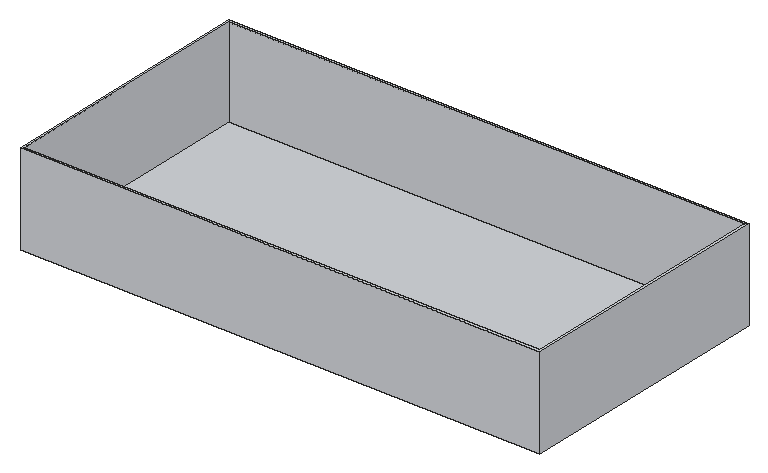
Revit family "Panelboard_400A_Cable_Spreader-empty-UK-en", category Electrical Equipment, host Face, Revit 2020
Family settings
  Host = Face
  Panel Configuration = Two Columns, Circuits Across
  Round Connector Dimension = Use Diameter
  Part Type = Panelboard
  Cut with Voids When Loaded = No
  Shared = No
  Room Calculation Point = No
Parameters (values of type "Surface mounted P2XC W900 H450 D158 0 Modular spacings - JF806E")
  Width Control [instance] = if([HG000006 - Flush mounted], if([EF000846 - Built-in width] > min_whd, [EF000846 - Built-in width], min_whd), if([EF000008 - Width] > min_whd, ([EF000008 - Width]), min_whd))  # 900 mm
  Void Depth [instance] = if([HG000006 - Flush mounted], Depth Control, 1 mm)  # 1 mm
  Type Comments = [HG000003 - Range]  # "Panelboards"
  System Height [instance] = Height Control - 2 * [HG000005 - Thickness]  # 444 mm
  Model = [HG000004 - Manufacturer reference]  # "JF806E"
  HG000017 - Distance between poles = 18 mm
  HG000016 - Door 3d visibility [instance] = yes
  HG000015 - Clearance visibility [instance] = no
  HG000014 - Door on the right [instance] = yes
  HG000013 - Door on the left [instance] = not([HG000014 - Door on the right])  # no
  HG000012 - Door swing angle [instance] = 45.00°
  HG000011 - Empty rows from bottom = no
  HG000005 - Thickness = 3 mm  # constant formula
  Arrow Offset [instance] = Depth Control / 8  # 19.75 mm
  Arrow Height [instance] = Depth Control - Arrow Offset  # 138.25 mm
  Host Offset [instance] = if([HG000006 - Flush mounted], 0 mm, [EF000049 - Depth])  # 158 mm
  min_whd [instance] = (2 * [HG000005 - Thickness]) + 1 mm  # 7 mm
  Manufacturer = "Hager"  # constant formula
  Height Control [instance] = if([HG000006 - Flush mounted], if([EF000332 - Built-in height] > min_whd, [EF000332 - Built-in height], min_whd), if([EF000040 - Height] > min_whd, ([EF000040 - Height]), min_whd))  # 450 mm
  HG000010 - Asymmetric doors = no
  HG000009 - Double swing door = no
  HG000008 - Number of empty rows = 0
  HG000007 - Number of empty columns = 0
  HG000006 - Flush mounted = no
  HG000004 - Manufacturer reference = "JF806E"
  HG000003 - Range = "Panelboards"
  HG000002 - With door or cover = no
  HG000001 - Number of columns = 0
  Flush Mounted - Door Frame Width [instance] = if(([EF000040 - Height] - [EF000332 - Built-in height]) > 0 mm, if([HG000006 - Flush mounted], [EF000040 - Height] - [EF000332 - Built-in height], 0 mm), 0 mm)  # 0 mm
  EF015941 - Signal passing door = no
  EF015777 - Neutral terminal block = no
  EF015776 - Earthing terminal block = no
  EF009212 - Cover model = ""
  EF006306 - With lock = no
  EF006244 - Transparent cover/door = no
  EF005474 - Degree of protection (IP) = "EV009848 - IP2XC"
  EF004462 - Type of closure = "EV001412 - Cylinder"
  EF002950 - Width in number of modular spacings = 0
  EF001596 - Material housing = "EV000179 - Steel"
  EF001134 - DIN-rail = no
  EF001131 - Internal depth = 0 mm
  EF001088 - Extension possible = no
  EF001062 - EMC-version = no
  EF000846 - Built-in width = 0 mm
  EF000339 - Type of cover = "EV004216 - Door"
  EF000332 - Built-in height = 0 mm
  EF000266 - Number of rows = 0
  EF000218 - Built-in depth = 0 mm
  EF000118 - With mounting plate = no
  EF000116 - RAL-number = ""
  EF000049 - Depth = 158 mm
  EF000040 - Height = 450 mm
  EF000008 - Width = 900 mm
  EF000007 - Colour = "EV000154 - Other"
  EF000003 - Mounting method = "EV000384 - Surface mounted (plaster)"
  Depth Control [instance] = if([HG000006 - Flush mounted], if([EF000218 - Built-in depth] > 0 mm, [EF000218 - Built-in depth], 1 mm), if([EF000049 - Depth] > 0 mm, ([EF000049 - Depth]), 1 mm))  # 158 mm
  Default Elevation = 0 mm
Types (2, lengths in mm): name | System Height | Model | Height Control | HG000004 - Manufacturer reference | EF001088 - Extension possible | EF000040 - Height
  Surface mounted P2XC W900 H300 D158 0 Modular spacings - JF805E | 294 | "JF805E" | 300 | "JF805E" | yes | 300
  Surface mounted P2XC W900 H450 D158 0 Modular spacings - JF806E | 444 | "JF806E" | 450 | "JF806E" | no | 450
Reference planes
  plane 1 "Center (Front/Back)": y = 0
  plane 2: z = 0
  plane 3 "Center (Left/Right)": x = 0
  plane 4: z = 158
  plane 5: y = 3
  plane 6: z = 153
  plane 7: y = 225
  plane 8: y = 0
  plane 9: y = 450
  plane 10: z = 0
  plane 11: x = -450
  plane 12: x = 450
  plane 13: x = 447
  plane 14: x = -447
  plane 15: y = 447
  plane 16: z = 3
  plane 17: z = 155
  plane 18: z = -1
  plane 19: z = 155
Forms (mm)
  Extrusion 1, solid
    sketch origin (-583.045, 0, 1219.2) x (-1, 0, 0) y (0, 0, 1)
      loop
        line (-133.045, -1061.2) -> (-1033.045, -1061.2) -> (-1033.045, -1219.2) -> (-133.045, -1219.2) -> (-133.045, -1061.2)
    from 0 to 450 <- "Height Control"
  Extrusion 2, void
    sketch origin (-381.607, -4572, 158) x (0, -1, 0) y (-1, 0, 0)
      loop
        line (-5019, 65.393) -> (-5019, -828.607) -> (-4575, -828.607) -> (-4575, 65.393) -> (-5019, 65.393)
    from 0 to 155
  Extrusion 3, void
    sketch origin (0, 0, 0) x (1, 0, 0) y (0, 1, 0)
      loop
        line (-450, 0) -> (450, 0) -> (450, 450) -> (-450, 450) -> (-450, 0)
    from -1 to 1
  Extrusion 4, solid, detail levels coarse+medium
    sketch origin (-381.607, -4572, 158) x (-1, 0, 0) y (0, -1, 0)
      loop
        line (65.393, -5019) -> (65.393, -4575) -> (-828.607, -4575) -> (-828.607, -5019) -> (65.393, -5019)
    from 0 to -3
Cuts and joins
  Extrusion 2 cuts Extrusion 1
Dimensions and locks
  plane 4 to plane 6 = 5 mm
  "Host Offset": plane 4 to host face
  "Flush Mounted - Door Frame Width": plane 1 "Center (Front/Back)" to plane 8
  "HG000005 - Thickness": plane 5 to plane 8
  locked: connector elem to plane 3 "Center (Left/Right)"
  "Height Control": plane 9 to plane 8
  equal spacing: plane 9, plane 7, plane 8
  locked: connector elem to plane 7
  "Depth Control": plane 4 to plane 10
  "HG000005 - Thickness": plane 11 to plane 14
  "HG000005 - Thickness": plane 12 to plane 13
  equal spacing: plane 11, plane 3 "Center (Left/Right)", plane 12
  "Width Control": plane 11 to plane 12
  "Arrow Offset": nested 4 to plane 10
  "HG000005 - Thickness": plane 9 to plane 15
  "HG000005 - Thickness": plane 16 to plane 10
  "HG000005 - Thickness": plane 4 to plane 17
  "Void Depth": plane 2 to plane 18
  "HG000005 - Thickness": plane 4 to plane 19
  aligned and locked: plane 2 to host face
  aligned and locked: level to host face
  aligned and locked: plane 3 "Center (Left/Right)" to nested 2
  aligned and locked: nested 2 to plane 4
  aligned and locked: nested 2 to plane 8
  aligned and locked: nested 1 to plane 6
  aligned and locked: nested 1 to plane 5
  aligned and locked: nested 4 to plane 11
  aligned and locked: nested 3 to plane 4
  aligned and locked: Extrusion 1 sketch curve to plane 12
  aligned and locked: Extrusion 1 sketch curve to plane 11
  aligned and locked: nested 3 to plane 10
  aligned and locked: plane 10 to Extrusion 1 sketch curve
  aligned and locked: Extrusion 2 sketch curve to plane 5
  aligned and locked: Extrusion 2 sketch curve to plane 15
  aligned and locked: Extrusion 2 sketch curve to plane 14
  aligned and locked: Extrusion 2 sketch curve to plane 13
  aligned and locked: plane 11 to Extrusion 3 sketch curve
  aligned and locked: plane 9 to Extrusion 3 sketch curve
  aligned and locked: Extrusion 3 sketch curve to plane 8
  aligned and locked: plane 12 to Extrusion 3 sketch curve
  aligned and locked: nested 3 to plane 12
  aligned and locked: Extrusion 3 to plane 18
  aligned and locked: Extrusion 2 to plane 16
  aligned and locked: Extrusion 1 sketch curve to plane 4
  aligned and locked: Extrusion 4 to plane 17
  aligned and locked: Extrusion 4 sketch curve to plane 15
  aligned and locked: Extrusion 4 sketch curve to plane 13
  aligned and locked: Extrusion 4 sketch curve to plane 14
  aligned and locked: Extrusion 4 sketch curve to plane 5
Automatic sketch dimensions
  host sketch curve to host sketch curve = 1469.727 mm
  host sketch curve to host sketch curve = 1434.803 mm
Nested families
  nested 1: "Hager_Enclosure_System" at (0, 3, 153) x (1, 0, 0) z (0, 1, 0), Depth <- "HG000005 - Thickness", Height <- "System Height", Width <- "EF000008 - Width", Border <- "HG000005 - Thickness", Flush_Mounted <- "HG000006 - Flush mounted", Built-in_Width <- "EF000846 - Built-in width", Row_Module_Multiplicator <- "EF002950 - Width in number of modular spacings", Total_No_Empty_Rows <- "HG000008 - Number of empty rows", Total_No_Rows <- "EF000266 - Number of rows", Empty_Columns <- "HG000007 - Number of empty columns", Width_Control <- "Width Control", Empty_Rows_From_Bottom <- "HG000011 - Empty rows from bottom", Distance_Between_Poles <- "HG000017 - Distance between poles", Rows_Count <- "EF000266 - Number of rows", Columns_Count <- "HG000001 - Number of columns", type "Hager_Enclosure_System", detail levels fine
    with Width_Control 900 mm, Width 900 mm, Total_No_Rows 0, Total_No_Empty_Rows 0, Total_No_Columns 1, System_Width 894 mm, Rows_Count 0, Rows_Column 0, Row_Module_Multiplicator 0, Panel_4 no, Panel_3 no, Panel_2 no, Panel_1 no, No_Panels_Ctrl 1, Hide_Columns yes, Height 444 mm, Flush_Mounted no, Empty_Rows_From_Bottom no, Empty_Rows_Column 0, Empty_Columns 0, Distance_Between_Poles 18 mm, Depth 3 mm, Columns_Count 0, Column_Width 894 mm, Built-in_Width 0 mm, Border 3 mm
  nested 2: "Hager_Enclosure_Door" at (0, 0, 158) x (1, 0, 0) z (0, 1, 0), Border <- "HG000005 - Thickness", Door_Right <- "HG000014 - Door on the right", Flush_Mounted <- "HG000006 - Flush mounted", Depth <- "EF000049 - Depth", Width <- "EF000008 - Width", Door_Left <- "HG000013 - Door on the left", 3d_Door <- "HG000016 - Door 3d visibility", BuiltIn_Width <- "EF000846 - Built-in width", BuiltIn_Height <- "EF000332 - Built-in height", BuiltIn_Depth <- "EF000218 - Built-in depth", Angle <- "HG000012 - Door swing angle", Assymetrical <- "HG000010 - Asymmetric doors", Double <- "HG000009 - Double swing door", Clearance <- "HG000015 - Clearance visibility", Transparent <- "EF006244 - Transparent cover/door", Door <- "HG000002 - With door or cover", Height_Ctrl <- "Height Control", Width_Ctrl <- "Width Control", Height <- "EF000040 - Height", type "Hager_Enclosure_Door", detail levels medium+fine
    with min_wh 7 mm, Width_Ctrl 900 mm, Width 900 mm, Transparent_Door_No_Bottom_Border no, Transparent no, Leaf_Width 891 mm, Leaf_Tolerance 1.5 mm, Leaf_Height 441 mm, Leaf_2_Width 891 mm, Leaf_2_Offset 445.5 mm, Leaf_1_Width 891 mm, Leaf_1_Offset 445.5 mm, Height_Ctrl 450 mm, Height 450 mm, Frame_Width_Ctrl 900 mm, Frame_Width 900 mm, Frame_Internal_Offset 0 mm, Frame_Height_Ctrl 450 mm, Frame_Height 450 mm, Frame_Depth_Ctrl 1 mm, Frame_Depth 0 mm, Flush_Mounted no, Double_Clearance_Ctrl no, Double no, Door_Right_Ctrl no, Door_Right yes, Door_Left_Ctrl no, Door_Left no, Door no, Depth 158 mm, Clearance_Depth 891 mm, Clearance_Ctrl no, Clearance no, BuiltIn_Width 0 mm, BuiltIn_Height 0 mm, BuiltIn_Depth 0 mm, Border 3 mm, Assymetrical no, Angle 45.00°, 3d_Door yes
  nested 3: "Hager_Enclosure_Symbol_Triangle" at (-450, 0, 0) x (1, 0, 0) z (0, -1, 0), Depth <- "Depth Control", Width <- "Width Control", type "Hager_Enclosure_Symbol_Triangle"
    with Width_Ctrl 900 mm, Width 900 mm, Depth_Ctrl 158 mm, Depth 158 mm
  nested 4: "Hager_Enclosure_Symbol_Arrow" at (-450, 0, 19.75) x (1, 0, 0) z (0, -1, 0), Height <- "Arrow Height", type "Hager_Enclosure_Symbol_Arrow"
    with Width_Inside 10.369 mm, Width 124.425 mm, Height_Ctrl 138.25 mm, Height 138.25 mm
Connectors
  electrical at (0, 225, 0)
    settings: on plane 10, index 1, voltage 0 V, apparent load 0 VA, apparent load phase1 0 VA, apparent load phase2 0 VA, apparent load phase3 0 VA, power factor 1, load classification "Other", number of poles 1, system type 30, power factor state 1, is connector primary yes, connector utility no, sub classification motor no, connector description ""
Definition of nested family "Hager_Enclosure_Door"
  Parameters (values of type "Hager_Enclosure_Door")
    min_wh [instance] = (2 * Border) + 1 mm  # 11 mm
    Width_Ctrl [instance] = 400 mm
    Width [instance] = 500 mm
    Transparent_Door_No_Bottom_Border [instance] = no
    Transparent [instance] = yes
    Leaf_Width [instance] = if((Width_Ctrl - 2 * Border - 2 * Leaf_Tolerance) > 0 mm, (Width_Ctrl - 2 * Border - 2 * Leaf_Tolerance), min_wh)  # 387 mm
    Leaf_Tolerance [instance] = 1.5 mm  # constant formula
    Leaf_Height [instance] = if((Height_Ctrl - 2 * Border - 2 * Leaf_Tolerance) > 0 mm, (Height_Ctrl - 2 * Border - 2 * Leaf_Tolerance), min_wh)  # 387 mm
    Leaf_2_Width [instance] = if(and(and(Double, Assymetrical), Door_Left), (Leaf_Width / 3) - (Leaf_Tolerance / 2), if(and(and(Double, Assymetrical), Door_Right), (Leaf_Width / 3) * 2 - (Leaf_Tolerance / 2), if(and(Double, not(Assymetrical)), (Leaf_Width / 2) - Leaf_Tolerance, Leaf_Width)))  # 387 mm
    Leaf_2_Offset [instance] = if(and(Double, Assymetrical), Leaf_2_Width / 2, if(and(Double, not(Assymetrical)), Leaf_Width / 4, Leaf_Width / 2))  # 193.5 mm
    Leaf_1_Width [instance] = if(and(and(Double, Assymetrical), Door_Right), (Leaf_Width / 3) - (Leaf_Tolerance / 2), if(and(and(Double, Assymetrical), Door_Left), (Width / 3) * 2 - (Leaf_Tolerance / 2), if(and(Double, not(Assymetrical)), (Leaf_Width / 2) - Leaf_Tolerance, Leaf_Width)))  # 387 mm
    Leaf_1_Offset [instance] = if(and(Double, Assymetrical), Leaf_1_Width / 2, if(and(Double, not(Assymetrical)), Leaf_Width / 4, Leaf_Width / 2))  # 193.5 mm
    Height_Ctrl [instance] = 400 mm
    Height [instance] = 500 mm
    Frame_Width_Ctrl [instance] = if(Frame_Width > 0 mm, Frame_Width, 1 mm)  # 1 mm
    Frame_Width [instance] = Width - BuiltIn_Width  # 0 mm
    Frame_Internal_Offset [instance] = if(Flush_Mounted, Border, 0 mm)  # 5 mm
    Frame_Height_Ctrl [instance] = if(Frame_Height > 0 mm, Frame_Height, 1 mm)  # 1 mm
    Frame_Height [instance] = Height - BuiltIn_Height  # 0 mm
    Frame_Depth_Ctrl [instance] = if(Frame_Depth > 0 mm, Frame_Depth, 1 mm)  # 1 mm
    Frame_Depth [instance] = if(Depth - BuiltIn_Depth > 0 mm, if(Flush_Mounted, Depth - BuiltIn_Depth, 0 mm), 0 mm)  # 0 mm
    Flush_Mounted [instance] = yes
    Double_Clearance_Ctrl [instance] = and(Double, Clearance)  # no
    Double [instance] = no
    Door_Right_Ctrl [instance] = and(or(Door_Right, Double), Door)  # yes
    Door_Right [instance] = yes
    Door_Left_Ctrl [instance] = and(or(Door_Left, Double), Door)  # no
    Door_Left [instance] = no
    Door [instance] = yes
    Depth [instance] = 500 mm
    Default Elevation = 1219.2 mm
    Clearance_Material = none
    Clearance_Depth [instance] = if(Leaf_1_Width > Leaf_2_Width, Leaf_1_Width, Leaf_2_Width)  # 387 mm
    Clearance_Ctrl [instance] = and(not(Double), Clearance)  # yes
    Clearance [instance] = yes
    BuiltIn_Width [instance] = 500 mm
    BuiltIn_Height [instance] = 500 mm
    BuiltIn_Depth [instance] = 500 mm
    Border [instance] = 5 mm
    Assymetrical [instance] = yes
    Angle [instance] = 30.00°
    3d_Door [instance] = yes
  Reference planes
    plane 1 "Center (Front/Back)": y = 0
    plane 2 "Bottom": z = 0
    plane 3 "Center (Left/Right)": x = 0
    plane 4: z = 400
    plane 5: x = -200
    plane 6: x = 200
    plane 7: z = 395
    plane 8: x = -195
    plane 9: z = 5
    plane 10: x = 195
    plane 11: y = 0
    plane 12: z = 6.5
    plane 13: x = -582
    plane 14: y = -387
    plane 15: x = 582
    plane 16: x = 0
    plane 17: x = 0
    plane 18: x = -193.5
    plane 19: x = 193.5
    plane 20: z = 393.5
  Forms (mm)
    Extrusion 1, solid, visible <- "Flush_Mounted"
      sketch origin (0, 0, 0) x (1, 0, 0) y (0, 0, 1)
        loop
          line (195, 5) -> (195, 395) -> (-195, 395) -> (-195, 5) -> (195, 5)
        loop
          line (-201, 401) -> (-201, -1) -> (201, -1) -> (201, 401) -> (-201, 401)
      from 0 to 1 <- "Frame_Depth_Ctrl"
    Extrusion 2, solid, material <- "Clearance_Material", visible <- "Double_Clearance_Ctrl"
      sketch origin (1200, 0, 0) x (1, 0, 0) y (0, 0, -1)
        loop
          line (-1782, -393.5) -> (-618, -393.5) -> (-618, 0) -> (-1782, 0) -> (-1782, -393.5)
      from 0 to -387
  Dimensions and locks
    equal spacing: plane 5, plane 3 "Center (Left/Right)", plane 6
    "Width_Ctrl": plane 5 to plane 6
    "Border": plane 5 to plane 8
    "Border": plane 6 to plane 10
    "Border": plane 9 to level
    "Border": plane 4 to plane 7
    "Height_Ctrl": plane 4 to level
    "Leaf_Tolerance": plane 12 to plane 9
    "Frame_Depth": plane 11 to plane 1 "Center (Front/Back)"
    "Frame_Width_Ctrl": plane 5 to Extrusion 1 sketch curve
    "Frame_Width_Ctrl": plane 6 to Extrusion 1 sketch curve
    "Frame_Width_Ctrl": Extrusion 1 sketch curve to plane 4
    "Frame_Width_Ctrl": plane 2 "Bottom" to Extrusion 1 sketch curve
    "Leaf_1_Offset": plane 18 to plane 16
    "Leaf_2_Offset": plane 17 to plane 19
    "Leaf_1_Width": plane 13 to plane 8
    "Leaf_2_Width": plane 10 to plane 15
    "Clearance_Depth": plane 14 to plane 1 "Center (Front/Back)"
    "Leaf_Tolerance": plane 8 to plane 18
    "Leaf_Tolerance": plane 19 to plane 10
    "Leaf_Tolerance": plane 7 to plane 20
    "Frame_Internal_Offset": plane 5 to Extrusion 1 sketch curve
    "Frame_Internal_Offset": Extrusion 1 sketch curve to plane 2 "Bottom"
    "Frame_Internal_Offset": plane 6 to Extrusion 1 sketch curve
    "Frame_Internal_Offset": plane 4 to Extrusion 1 sketch curve
    aligned and locked: level to plane 2 "Bottom"
    aligned and locked: nested 1 to plane 16
    aligned and locked: nested 2 to plane 17
    aligned and locked: Extrusion 2 to plane 13
    aligned and locked: plane 15 to Extrusion 2
    aligned and locked: Extrusion 2 to plane 14
    aligned and locked: plane 12 to nested 1
    aligned and locked: nested 2 to plane 12
    aligned and locked: Extrusion 2 to plane 11
    aligned and locked: plane 20 to Extrusion 2
    aligned and locked: nested 2 to plane 11
    aligned and locked: nested 1 to plane 11
  Automatic sketch dimensions
    Extrusion 2 sketch curve to level = 0 mm
    plane 5 to Extrusion 2 sketch curve = 382 mm
    plane 6 to Extrusion 2 sketch curve = 382 mm
    Extrusion 2 sketch curve to plane 4 = 6.5 mm
  Nested families
    nested 1: "Hager_Enclosure_Door_Leaf" at (0, 0, 6.5), Width <- "Leaf_1_Width", visible <- "Door_Left_Ctrl", Leaf_Height <- "Leaf_Height", Angle <- "Angle", Depth <- "Border", 3d_Door <- "3d_Door", Transparent <- "Transparent", Clearance Material <- "Clearance_Material", Clearance <- "Clearance_Ctrl", Transparent_Door_No_Bottom_Border <- "Transparent_Door_No_Bottom_Border", type "Hager_Enclosure_Door_Leaf"
      with Width 387 mm, Transparent_Door_No_Bottom_Border no, Transparent_Door_Border_Bottom_Top 25 mm, Transparent_Door_Border 25 mm, Transparent_Ctrl yes, Transparent yes, Standard no, Leaf_Height 387 mm, Glass_Offset 1 mm, Depth 5 mm, Clearance Material none, Clearance yes, Angle_Ctrl 30.00°, Angle 30.00°, 3d_Door yes
    nested 2: "Hager_Enclosure_Door_Leaf" at (0, 0, 6.5) x (-1, 0, 0) z (0, 0, 1), Width <- "Leaf_2_Width", visible <- "Door_Right_Ctrl", Leaf_Height <- "Leaf_Height", Angle <- "Angle", Depth <- "Border", 3d_Door <- "3d_Door", Transparent <- "Transparent", Clearance Material <- "Clearance_Material", Clearance <- "Clearance_Ctrl", Transparent_Door_No_Bottom_Border <- "Transparent_Door_No_Bottom_Border", type "Hager_Enclosure_Door_Leaf"
      with Width 387 mm, Transparent_Door_No_Bottom_Border no, Transparent_Door_Border_Bottom_Top 25 mm, Transparent_Door_Border 25 mm, Transparent_Ctrl yes, Transparent yes, Standard no, Leaf_Height 387 mm, Glass_Offset 1 mm, Depth 5 mm, Clearance Material none, Clearance yes, Angle_Ctrl 30.00°, Angle 30.00°, 3d_Door yes
  Definition of nested family "Hager_Enclosure_Door_Leaf"
    Parameters (values of type "Hager_Enclosure_Door_Leaf")
      Width [instance] = 2000 mm
      Transparent_Door_No_Bottom_Border [instance] = yes
      Transparent_Door_Border_Bottom_Top [instance] = if(Transparent_Door_No_Bottom_Border, 0.1 mm, Transparent_Door_Border)  # 0.1 mm
      Transparent_Door_Border [instance] = if(Transparent_Door_No_Bottom_Border, (Width * 0.12), 25 mm)  # 240 mm
      Transparent_Ctrl [instance] = and(Transparent, [3d_Door])  # yes
      Transparent [instance] = yes
      Standard [instance] = and(not(Transparent), [3d_Door])  # no
      Leaf_Height [instance] = 2720.336 mm
      Glass_Offset [instance] = if((Depth - 10 mm) / 2 > 0 mm, (Depth - 10 mm) / 2, 1 mm)  # 15 mm
      Glass_Material = none
      Depth [instance] = 40 mm
      Default Elevation = 0 mm
      Clearance Material [instance] = none
      Clearance [instance] = yes
      Angle_Ctrl [instance] = if(Angle > 170.00°, 170.00°, Angle)  # 45.00°
      Angle [instance] = 45.00°
      3d_Door [instance] = yes
    Reference planes
      plane 1 "Center (Front/Back)": y = 0
      plane 2: z = 0
      plane 3 "Center (Left/Right)": x = 0
      plane 4: y = 2000
      plane 5: x = -1000
      plane 6: x = 1000
      plane 7: x = -3000
      plane 8: z = 2720.336
      plane 9: z = 0.1
      plane 10: z = 2720.236
      plane 11: x = 760
      plane 12: x = -760
    Forms (mm)
      Extrusion 1, solid, material <- "Clearance Material", visible <- "Clearance"
        sketch origin (0, 0, 0) x (1, 0, 0) y (0, 0, 1)
          loop
            line (-3000, 2720.336) -> (-3000, 0) -> (1000, 0) -> (1000, 2720.336) -> (-3000, 2720.336)
        from 0 to -2000
      Extrusion 2, solid, visible <- "Standard", detail levels medium+fine
        sketch origin (-1000, 0, 0) x (0.707107, 0.707107, 0) y (-0.707107, 0.707107, 0)
          loop
            line (0, -40) -> (2000, -40) -> (2000, 0) -> (0, 0) -> (0, -40)
        from 0 to 2720.336 <- "Leaf_Height"
      Extrusion 3, solid, visible <- "Transparent_Ctrl", detail levels medium+fine
        sketch origin (-1000, 0, 0) x (0.707107, 0.707107, 0) y (-0.707107, 0.707107, 0)
          loop
            line (0, -40) -> (2000, -40) -> (2000, 0) -> (0, 0) -> (0, -40)
        from 0 to 2720.336 <- "Leaf_Height"
      Extrusion 4, void, detail levels medium+fine
        sketch origin (-1000, 0, 0) x (-0.707107, 0.707107, 0) y (0.707107, 0.707107, 0)
          loop
            line (0, 240) -> (0, 1760) -> (-40, 1760) -> (-40, 240) -> (0, 240)
        from -2720.236 to -0.1
      Extrusion 5, solid, material <- "Glass_Material", visible <- "Transparent_Ctrl", detail levels medium+fine
        sketch origin (-1000, 0, 0) x (0.707107, 0.707107, 0) y (-0.707107, 0.707107, 0)
          loop
            line (240, -15) -> (240, -25) -> (1760, -25) -> (1760, -15) -> (240, -15)
        from 0.1 to 2720.236
    Cuts and joins
      Extrusion 4 cuts Extrusion 3
    Lines and regions (mm)
      symbolic lines
        curve 1: line (1000, 0, 0) -> (-3000, 0, 0)
        curve 2: arc (1000, 0, 0) -> (-1000, 2000, 0) -> (-3000, 0, 0) r 2000
        curve 4: line (-1000, 0, 0) -> (414.214, 1414.214, 0)
      reference lines
        curve 3: line (-1000, 0, 0) -> (414.214, 1414.214, 0)
      symbolic lines, detail levels medium+fine
        curve 5: line (414.214, 1414.214, 0) -> (442.498, 1385.929, 0)
        curve 6: line (442.498, 1385.929, 0) -> (-971.716, -28.284, 0)
        curve 7: line (-971.716, -28.284, 0) -> (-1000, 0, 0)
        curve 8: line (-1000, 0, 2720.336) -> (1000, 0, 2720.336)
        curve 9: line (-1000, 0, 0) -> (-1000, 0, 2720.336)
        curve 10: line (1000, 0, 0) -> (-1000, 0, 0)
        curve 11: line (1000, 0, 2720.336) -> (1000, 0, 0)
      symbolic lines, visible <- "Transparent_Ctrl", detail levels medium+fine
        curve 12: line (-760, 0, 2720.236) -> (760, 0, 2720.236)
        curve 13: line (-760, 0, 0.1) -> (-760, 0, 2720.236)
        curve 14: line (760, 0, 0.1) -> (-760, 0, 0.1)
        curve 15: line (760, 0, 2720.236) -> (760, 0, 0.1)
    Dimensions and locks
      "Width": plane 1 "Center (Front/Back)" to plane 4
      equal spacing: plane 5, plane 3 "Center (Left/Right)", plane 6
      "Width": plane 5 to plane 6
      "Width": plane 7 to plane 5
      "Leaf_Height": plane 8 to level
      "Depth": curve 6 to curve 3
      "Width": curve 5 to curve 3
      "Width": curve 3 to curve 3
      "Transparent_Door_Border": Extrusion 4 sketch curve to curve 7
      "Transparent_Door_Border": Extrusion 4 sketch curve to curve 5
      "Transparent_Door_Border_Bottom_Top": plane 8 to plane 10
      "Transparent_Door_Border_Bottom_Top": plane 9 to level
      "Glass_Offset": Extrusion 5 sketch curve to curve 4
      "Glass_Offset": Extrusion 5 sketch curve to curve 6
      "Transparent_Door_Border": Extrusion 5 sketch curve to curve 5
      "Transparent_Door_Border": Extrusion 5 sketch curve to curve 7
      "Transparent_Door_Border": plane 12 to plane 5
      "Transparent_Door_Border": plane 6 to plane 11
      "Angle_Ctrl": angle plane 1 "Center (Front/Back)" to curve 3
      aligned and locked: level to plane 2
      aligned and locked: Extrusion 1 to curve 1
      aligned and locked: plane 6 to Extrusion 1
      aligned and locked: Extrusion 1 to plane 1 "Center (Front/Back)"
      aligned and locked: plane 4 to Extrusion 1
      aligned and locked: plane 8 to Extrusion 1
      aligned and locked: curve 4 to curve 3
      aligned and locked: Extrusion 2 sketch curve to curve 7
      aligned and locked: Extrusion 2 sketch curve to curve 6
      aligned and locked: Extrusion 2 sketch curve to curve 5
      aligned and locked: Extrusion 2 sketch curve to curve 3
      aligned and locked: curve 7 to Extrusion 3 sketch curve
      aligned and locked: Extrusion 3 sketch curve to curve 4
      aligned and locked: Extrusion 3 sketch curve to curve 6
      aligned and locked: Extrusion 3 sketch curve to curve 5
      aligned and locked: curve 4 to Extrusion 4 sketch curve
      aligned and locked: curve 6 to Extrusion 4 sketch curve
      aligned and locked: Extrusion 4 to plane 9
      aligned and locked: Extrusion 4 to plane 10
      aligned and locked: Extrusion 5 to plane 9
      aligned and locked: Extrusion 5 to plane 10
      aligned and locked: curve 8 to plane 8
      aligned and locked: plane 5 to curve 9
      aligned and locked: plane 2 to curve 10
      aligned and locked: curve 11 to plane 6
      aligned and locked: plane 10 to curve 12
      aligned and locked: plane 12 to curve 13
      aligned and locked: curve 14 to plane 9
      aligned and locked: plane 11 to curve 15
    Automatic sketch dimensions
      plane 1 "Center (Front/Back)" to curve 2 = 0 mm
      curve 2 to plane 5 = 0 mm
      Extrusion 1 sketch curve to level = 0 mm
      Extrusion 1 sketch curve to plane 7 = 0 mm
      Extrusion 1 sketch curve to plane 6 = 0 mm
      Extrusion 1 sketch curve to plane 8 = 0 mm
      plane 1 "Center (Front/Back)" to curve 3 = 0 mm
      curve 3 to plane 5 = 0 mm
      curve 7 to curve 3 = 0 mm
Definition of nested family "Hager_Enclosure_Symbol_Triangle"
  Parameters (values of type "Hager_Enclosure_Symbol_Triangle")
    Width_Ctrl [instance] = if(Width > 1 mm, Width, 1 mm)  # 498 mm
    Width [instance] = 498 mm
    Depth_Ctrl [instance] = if(Depth > 1 mm, Depth, 1 mm)  # 72 mm
    Depth [instance] = 72 mm
  Reference planes
    plane 1 "Centre (avant/arrière)": y = 0
    plane 2: z = 0
    plane 3 "Centre (gauche/droite)": x = 0
  Lines and regions (mm)
    Filled region 1, type "Solid_Black", in view "Niveau de réf."
      outline origin (0, 0, 0) x (1, 0, 0) y (0, 1, 0)
        loop
          line (0, 0) -> (498, 0) -> (498, 72) -> (0, 0)
    reference lines, in view "Niveau de réf."
      curve 1: line (-206.153, 72, 0) -> (1083.258, 72, 0)
      curve 2: line (498, 405.456, 0) -> (498, -517.619, 0)
  Dimensions and locks
    "Depth_Ctrl": plane 1 "Centre (avant/arrière)" to curve 1
    "Width_Ctrl": plane 3 "Centre (gauche/droite)" to curve 2
    aligned and locked: curve 1 to Filled region 1 sketch curve
    aligned and locked: Filled region 1 sketch curve to plane 1 "Centre (avant/arrière)"
    aligned and locked: curve 2 to Filled region 1 sketch curve
    aligned and locked: plane 3 "Centre (gauche/droite)" to Filled region 1 sketch curve
    aligned and locked: plane 1 "Centre (avant/arrière)" to Filled region 1 sketch curve
  Automatic sketch dimensions
    curve 1 to plane 3 "Centre (gauche/droite)" = 206.153 mm
    curve 2 to curve 1 = 585.258 mm
    plane 1 "Centre (avant/arrière)" to curve 2 = 517.619 mm
    curve 2 to plane 1 "Centre (avant/arrière)" = 405.456 mm
Definition of nested family "Hager_Enclosure_Symbol_Arrow"
  Parameters (values of type "Hager_Enclosure_Symbol_Arrow")
    Width_Inside [instance] = if(Width / 12 > 2 mm, Width / 12, 2 mm)  # 4.987 mm
    Width [instance] = if(Height_Ctrl * 0.9 > 2 mm, Height_Ctrl * 0.9, 2 mm)  # 59.85 mm
    Height_Ctrl [instance] = if(Height > 2 mm, Height, 2 mm)  # 66.5 mm
    Height [instance] = 66.5 mm
  Reference planes
    plane 1 "Centre (avant/arrière)": y = 0
    plane 2: z = 0
    plane 3 "Centre (gauche/droite)": x = 0
    plane 4: x = 59.85
    plane 5: y = 28.263
    plane 6: y = 38.238
    plane 7: y = 66.5
    plane 8: x = 29.925
    plane 9: y = 33.25
  Lines and regions (mm)
    Filled region 1, type "Solid_Black", in view "Niveau de réf."
      outline origin (0, 0, 0) x (1, 0, 0) y (0, 1, 0)
        loop
          line (59.85, 66.5) -> (37.929, 52.827) -> (51.846, 41.935) -> (59.85, 66.5)
    detail lines, in view "Niveau de réf."
      curve 1: line (0, 0, 0) -> (29.925, 38.238, 0)
      curve 2: line (29.925, 38.238, 0) -> (29.925, 28.263, 0)
      curve 3: line (29.925, 28.263, 0) -> (59.85, 66.5, 0)
  Dimensions and locks
    "Width": plane 3 "Centre (gauche/droite)" to plane 4
    "Height_Ctrl": plane 7 to plane 1 "Centre (avant/arrière)"
    equal spacing: plane 3 "Centre (gauche/droite)", plane 8, plane 4
    equal spacing: plane 7, plane 9, plane 1 "Centre (avant/arrière)"
    equal spacing: plane 6, plane 9, plane 5
    "Width_Inside": plane 6 to plane 9
    equal spacing: curve 3, Filled region 1 sketch curve, Filled region 1 sketch curve
    angle Filled region 1 sketch curve to curve 3 = 20.00°
    angle curve 3 to Filled region 1 sketch curve = 20.00°
    locked: curve 3 to Filled region 1 sketch curve (angle 90.00°)
  Automatic sketch dimensions
    plane 1 "Centre (avant/arrière)" to curve 1 = 0 mm
    curve 1 to plane 3 "Centre (gauche/droite)" = 0 mm
    curve 2 to plane 6 = 0 mm
    curve 3 to plane 8 = 0 mm
    curve 3 to plane 4 = 0 mm
    curve 2 to plane 5 = 0 mm
    curve 3 to plane 7 = 0 mm
    Filled region 1 sketch curve to plane 4 = 0 mm
    Filled region 1 sketch curve to plane 7 = 0 mm
